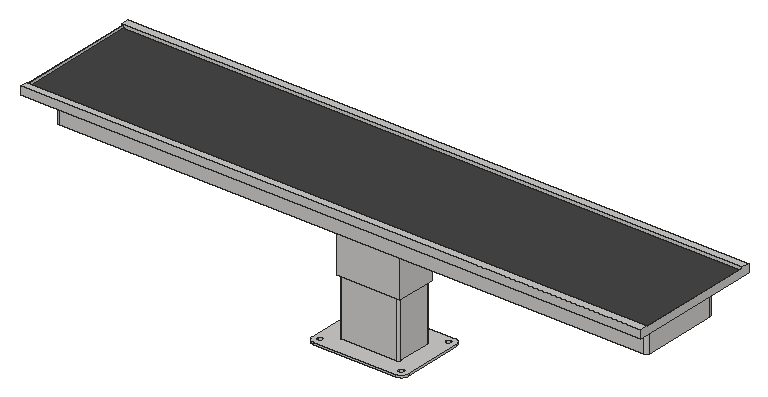
Revit family "Heater-Bromic-Platinum-Electric-Ceiling-Mounted_AU", category Mechanical Equipment, host Face, Revit 2020
Family settings
  Host = Face
  Round Connector Dimension = Use Diameter
  Classification = None
  Part Type = Normal
  OmniClass Number = 23.75.10.14
  Cut with Voids When Loaded = Yes
  Shared = No
  Room Calculation Point = No
Parameters (values of type "Not a Type - Laod Type Catalog!")
  visFrontDown [instance] = not(Angle Mount)  # yes
  recess_width = if(Low Clearance Recess Kit Profile, 238.76 mm, if(Heater Type Selector = 3, 848.36 mm, 1226.82 mm))  # 1226.82 mm
  recess_visibility [instance] = and(not(Ceiling Mount Pole Profile), Show Clearance)  # no
  recess_length/2 = if(Low Clearance Recess Kit Profile, if(Heater Type Selector = 1, 995.68 mm, 1430.02 mm), if(Heater Type Selector = 1, 1864.36 mm, if(Heater Type Selector = 2, 2301.24 mm, 3505.2 mm))) / 2  # 932.18 mm
  recess_length = if(Low Clearance Recess Kit Profile, if(Heater Type Selector = 1, 1196.34 mm, 1630.68 mm), if(Heater Type Selector = 1, 1864.36 mm, if(Heater Type Selector = 2, 2301.24 mm, 3505.2 mm)))  # 1864.36 mm
  recess_depth = if(Low Clearance Recess Kit Profile, 177.8 mm, if(Heater Type Selector = 3, 350.52 mm, 254 mm))  # 254 mm
  calcYOffset [instance] = if(Angle Mount, 14.6 mm, 0 mm)  # 0 mm
  calcXOffset [instance] = if(Angle Mount, 38 mm, 0 mm)  # 0 mm
  calcWidth = if(Heater Type Selector = 1, 182.118 mm, if(Heater Type Selector = 2, 182.118 mm, 256.54 mm))  # 182.118 mm
  calcSuspendedHeight [instance] = if(Front Down Mount, 203.2 mm, if(Ceiling Pole_600mm, 599.44 mm, if(Ceiling Pole_1200mm, 1198.88 mm, if(Angle Mount, 254 mm, 203.2 mm))))  # 203.2 mm
  calcOffsetClearance [instance] = if(Angle Mount, 42.926 mm, calcWidth / 2)  # 91.059 mm
  calcLength = if(Heater Type Selector = 1, 839.978 mm, if(Heater Type Selector = 2, 1275.08 mm, 1351.28 mm))  # 839.978 mm
  calcFaceAngledWidth [instance] = if(Angle Mount, 165.1 mm, calcWidth)  # 182.118 mm
  calcDepth = 54.102 mm  # constant formula
  Width = if(and([Low clearance recess kit - 4500W Series], Heater Type Selector = 3), 338 mm, if(Heater Type Selector = 3, 256.5 mm, 177.8 mm))  # 177.8 mm
  Weight = if(Heater Type Selector = 1, 7.484 kg, if(Heater Type Selector = 2, 9.979 kg, 9.979 kg))  # 7.484 kg
  Wattage = if(Heater Type Selector = 1, 2300 W, if(Heater Type Selector = 2, 3400 W, 4500 W))  # 2300 W
  Voltage = 230 V
  Void Width Option [instance] = if([Standard recess kit - 4500W Series], 1422.4 mm, if([Standard recess kit - 3400W Series], 1346.2 mm, if([Standard recess kit - 2300W Series], 909.3 mm, if([Low clearance recess kit - 2300W Series], 1039.1 mm, if([Low clearance recess kit - 3400W Series], 1491 mm, if([Low clearance recess kit - 4500W Series], 1550 mm, 25.4 mm))))))  # 25.4 mm
  Utility = no
  URL = "https://www.bromic.com.au/product/platinum-smart-heat-electric/"
  Void Thickness Option [instance] = if([Standard recess kit - 4500W Series], 330.2 mm, if([Standard recess kit - 3400W Series], 254 mm, if([Standard recess kit - 2300W Series], 254 mm, if([Low clearance recess kit - 2300W Series], 261.1 mm, if([Low clearance recess kit - 3400W Series], 261.1 mm, if([Low clearance recess kit - 4500W Series], 315 mm, 25.4 mm))))))  # 25.4 mm
  Void Start Option [instance] = if(Standard Recess Kit Profile, 0 mm, if(Low Clearance Recess Kit Profile, 0 mm, 12.7 mm))  # 12.7 mm
  Standard Mounting Pole_parameter = Pole : Standard Mounting Pole
  Side Clearance = if(Heater Type Selector = 1, 254 mm, 457.2 mm)  # 254 mm
  Standard Recess Kit Profile = no
  ProductCode = "ProductCode not specified - Load Type Catalog!"
  Product data url = "https://www.bimobject.com/bromic-heating/product/platinum-smart-heat-electric"
  Power Factor = 1
  Number of Poles = 1
  Mounting Type Info [instance] = if(Front Down Mount, "Ceiling Mounted - Front Down", if(Ceiling Pole_600mm, "Ceiling Pole - 600mm", if(Ceiling Pole_1200mm, "Ceiling Pole - 1200mm", if(Angle Mount, "Ceiling Mounted - Angle Mount", "Ceiling Mounted - Front Down"))))  # "Ceiling Mounted - Front Down"
  Mounting Type [instance] = Pole : Standard Mounting Pole
  MountTypeSelector [instance] = if([1 = Standard Mounting Pole], 1, if([2 = 600mm Mounting Pole], 2, if([3 = 1200mm Mounting Pole], 3, 4)))  # 1
  Screen Material = Ceramic-Tinted-Bromic-Black
  Material = Metal-Steel-Stainless-Bromic
  Masking_3 = no
  Masking_2 = no
  Masking_1 = yes
  MEP_param [instance] = if(Ceiling Mount Pole Profile, 217.424 mm, if(Low Clearance Recess Kit Profile, 54.102 mm, 0 mm))  # 217.424 mm
  Low clearance recess kit - 4500W Series = no
  Low clearance recess kit - 3400W Series = no
  Low clearance recess kit - 2300W Series = no
  Low Clearance Recess Kit Profile = no
  Load Sub-Classification Motor = no
  Load Classification = Power
  Length = if(and([Low clearance recess kit - 4500W Series], Heater Type Selector = 3), 1595 mm, if(Heater Type Selector = 1, 838.2 mm, if(Heater Type Selector = 2, 1275.1 mm, 1351.3 mm)))  # 838.2 mm
  Heater Type Selector = 1
  Front Down Mount [instance] = or(MountTypeSelector < 2, MountTypeSelector > 4)  # yes
  Frequency = 50 Hz
  Floor Clearance = 2438.4 mm  # constant formula
  Show Clearance [instance] = no
  Model = "Platinum Smart-Heat™ Electric"  # constant formula
  Manufacturer = "Bromic Heating"  # constant formula
  End Clearance = if(Heater Type Selector = 1, 254 mm, 457.2 mm)  # 254 mm
  Description = "The Platinum Smart-Heat™ Electric excels in efficiency, packing profound performance into a sleek package to suit high-end, style-centric settings. Designed specifically with low-clearance, semi-enclosed and aesthetically-focused spaces in mind, this heater minimizes light emission to blend seamlessly into rooflines with the aid of recess kits or stylishly mount to a number of other surfaces."  # constant formula
  Void End Option [instance] = if(Standard Recess Kit Profile, -217.424 mm, if(Low Clearance Recess Kit Profile, -168.402 mm, 25.4 mm))  # 25.4 mm
  Depth = 50.8 mm  # constant formula
  Default Elevation = 1219.2 mm
  Connector Description = ""
  Clearance Width = if([Low clearance recess kit - 4500W Series], 1550 mm, if([Low clearance recess kit - 3400W Series], 1430 mm, 996 mm))  # 996 mm
  Clearance Offset Left (Width) = if([Low clearance recess kit - 2300W Series], 200 mm - 4.5 mm, if([Low clearance recess kit - 3400W Series], 200 mm - 3 mm, 200 mm))  # 200 mm
  Clearance Height = 177.8 mm + 3.7 mm  # 181.5 mm
  Clearance Depth = if([Low clearance recess kit - 4500W Series], 315 mm, 239 mm)  # 239 mm
  Ceiling Pole_Standard [instance] = MountTypeSelector = 1  # yes
  Ceiling Pole_600mm [instance] = MountTypeSelector = 2  # no
  Ceiling Pole_1200mm [instance] = MountTypeSelector = 3  # no
  Ceiling Mount Pole straight [instance] = and(Ceiling Mount Pole Profile, not([4 = Angle Mounting Pole]))  # yes
  Ceiling Mount Pole Profile = yes
  Approximate Heat Area = if(Heater Type Selector = 1, 6.00 m², if(Heater Type Selector = 2, 10.00 m², 12.00 m²))  # 6.00 m²
  Apparent Load = if(Heater Type Selector = 1, 2300 VA, if(Heater Type Selector = 2, 3400 VA, 4500 VA))  # 2300 VA
  Angle Mounting Pole_parameter = Pole : Angle Mounting Pole
  Angle Mount [instance] = MountTypeSelector = 4  # no
  Angle [instance] = if(Angle Mount, 30.00°, 0.00°)  # 0.00°
  Standard recess kit - 4500W Series = no
  1200mm Mounting Pole_parameter = Pole : 1200mm Mounting Pole
  Standard recess kit - 3400W Series = no
  Standard recess kit - 2300W Series = no
  4 = Angle Mounting Pole [instance] = Mounting Type = Angle Mounting Pole_parameter  # no
  600mm Mounting Pole_parameter = Pole : 600mm Mounting Pole
  3 = 1200mm Mounting Pole [instance] = Mounting Type = [1200mm Mounting Pole_parameter]  # no
  1 = Standard Mounting Pole [instance] = Mounting Type = Standard Mounting Pole_parameter  # yes
  2 = 600mm Mounting Pole [instance] = Mounting Type = [600mm Mounting Pole_parameter]  # no
Reference planes
  plane 1 "Center (Front/Back)": y = 0
  plane 2: z = 0
  plane 3 "Center (Left/Right)": x = 0
  plane 4: z = 147.2
  plane 5: z = 2641.6
  plane 6: z = 203.2
  plane 7: x = -419.989
  plane 8: x = -673.989
  plane 9: x = 419.989
  plane 10: x = 673.989
  plane 11: y = 91.059
  plane 12: y = -91.059
  plane 13: y = 345.059
  plane 14: y = -345.059
  plane 15: z = 2
  plane 16: z = 78.163
  plane 17: z = 149.2
  plane 18: x = -434.989
  plane 19: x = 434.989
  plane 20: y = 0
  plane 21: z = 149.2
  plane 22: y = 91.059
  plane 23: y = -91.059
  plane 24: z = -350.432
  plane 25: x = -12.7
  plane 26: x = 12.7
  plane 27: y = 12.7
  plane 28: y = -12.7
  plane 29: z = -0.076
  plane 30: z = -83.172
  plane 31: z = -217.5
  plane 32: z = -254
  plane 33: x = 932.18
  plane 34: x = -932.18
  plane 35: y = -613.41
  plane 36: y = 613.41
Forms (mm)
  Extrusion 1, solid, material "Metal-Steel-Stainless-Bromic" <- "Material", detail levels coarse+medium
    sketch origin (0, 0, 0) x (1, 0, 0) y (0, 1, 0)
      loop
        arc (-65, -40) -> (-62.071, -47.071) -> (-55, -50) r 10
        line (-55, -50) -> (55, -50)
        arc (55, -50) -> (62.071, -47.071) -> (65, -40) r 10
        line (65, -40) -> (65, 40)
        arc (65, 40) -> (62.071, 47.071) -> (55, 50) r 10
        line (55, 50) -> (-55, 50)
        arc (-55, 50) -> (-62.071, 47.071) -> (-65, 40) r 10
        line (-65, 40) -> (-65, -40)
    from 0 to 2
  Extrusion 2, solid, material "Metal-Steel-Stainless-Bromic" <- "Material", visible <- "Ceiling Mount Pole Profile"
    sketch origin (0, 0, 0) x (1, 0, 0) y (0, 1, 0)
      loop
        line (-40, 23) -> (-40, -22)
        arc (-40, -22) -> (-39.121, -24.121) -> (-37, -25) r 3
        line (-37, -25) -> (37, -25)
        arc (37, -25) -> (39.121, -24.121) -> (40, -22) r 3
        line (40, -22) -> (40, 23)
        arc (40, 23) -> (39.414, 24.414) -> (38, 25) r 2
        line (38, 25) -> (-38, 25)
        arc (-38, 25) -> (-39.414, 24.414) -> (-40, 23) r 2
    from 2 to 78.163
  Extrusion 3, solid, material "Metal-Steel-Stainless-Bromic" <- "Material", visible <- "Ceiling Mount Pole straight"
    sketch origin (0, 0, 160) x (1, 0, 0) y (0, 1, 0)
      loop
        arc (-70, -36.75) -> (-67.071, -43.821) -> (-60, -46.75) r 10
        line (-60, -46.75) -> (60, -46.75)
        arc (60, -46.75) -> (67.071, -43.821) -> (70, -36.75) r 10
        line (70, -36.75) -> (70, 37.25)
        arc (70, 37.25) -> (67.071, 44.321) -> (60, 47.25) r 10
        line (60, 47.25) -> (-60, 47.25)
        arc (-60, 47.25) -> (-67.071, 44.321) -> (-70, 37.25) r 10
        line (-70, 37.25) -> (-70, -36.75)
    from -12.8 to -10.8
  Extrusion 4, solid, material "Metal-Steel-Stainless-Bromic" <- "Material", visible <- "Ceiling Mount Pole straight"
    sketch origin (0, 0, 0) x (1, 0, 0) y (0, 1, 0)
      loop
        line (43, 27) -> (-43, 27) -> (-43, -27) -> (43, -27) -> (43, 27)
    from 78.163 to 147.2
  Extrusion 5, solid, material "Metal-Steel-Stainless-Bromic" <- "Material", visible <- "Ceiling Mount Pole Profile", detail levels fine
    sketch origin (0, 0, 0) x (1, 0, 0) y (0, 1, 0)
      loop
        arc (-65, -40) -> (-62.071, -47.071) -> (-55, -50) r 10
        line (-55, -50) -> (55, -50)
        arc (55, -50) -> (62.071, -47.071) -> (65, -40) r 10
        line (65, -40) -> (65, 40)
        arc (65, 40) -> (62.071, 47.071) -> (55, 50) r 10
        line (55, 50) -> (-55, 50)
        arc (-55, 50) -> (-62.071, 47.071) -> (-65, 40) r 10
        line (-65, 40) -> (-65, -40)
      loop
        circle (-55, -40) r 3.25
      loop
        circle (55, -40) r 3.25
      loop
        circle (55, 40) r 3.25
      loop
        circle (-55, 40) r 3.25
    from 0 to 2
  Extrusion 6, solid, material "Metal-Steel-Stainless-Bromic" <- "Material", visible <- "Angle Mount"
    sketch origin (0, 0, -30.5) x (0, 1, 0) y (0, 0, 1)
      loop
        line (27, 63.7) -> (27, 119.647) -> (8.051, 152.468) -> (-35.251, 127.468) -> (-27, 113.177) -> (-27, 63.7) -> (27, 63.7)
    from -43 to 43
  Extrusion 7, solid, material "Metal-Steel-Stainless-Bromic" <- "Material", visible <- "Angle Mount"
    sketch origin (0, 64.8, 0) x (1, 0, 0) y (0, 1, 0)
      loop
        line (-40, -41.8) -> (-40, -86.8)
        arc (-40, -86.8) -> (-39.121, -88.921) -> (-37, -89.8) r 3
        line (-37, -89.8) -> (37, -89.8)
        arc (37, -89.8) -> (39.121, -88.921) -> (40, -86.8) r 3
        line (40, -86.8) -> (40, -41.8)
        arc (40, -41.8) -> (39.414, -40.386) -> (38, -39.8) r 2
        line (38, -39.8) -> (-38, -39.8)
        arc (-38, -39.8) -> (-39.414, -40.386) -> (-40, -41.8) r 2
    from 2 to 33.2
  Extrusion 8, solid, material "Metal-Steel-Stainless-Bromic" <- "Material", visible <- "Angle Mount"
    sketch origin (0, 0, 0) x (0, 1, 0) y (0, 0, 1)
      loop
        line (25.371, 131.968) -> (24.371, 133.7) -> (-53.571, 88.7) -> (-52.571, 86.968) -> (25.371, 131.968)
    from -70 to 70
  Extrusion 9, void
    sketch origin (0, 0, 0) x (1, 0, 0) y (0, 1, 0)
      loop
        line (-12.7, 12.7) -> (-12.7, -12.7) -> (12.7, -12.7) -> (12.7, 12.7) -> (-12.7, 12.7)
    from 12.7 <- "Void Start Option" to 25.4 <- "Void End Option"
  Extrusion 10, solid, not visible
    sketch origin (0, 0, -0.076) x (1, 0, 0) y (0, 1, 0)
      loop
        circle (0, 0) r 25.4
    from 0 to 50.8
  Extrusion 11, solid, not visible
    sketch origin (0, 0, -83.172) x (1, 0, 0) y (0, 1, 0)
      loop
        circle (0, 0) r 25.4
    from 0 to 50.8
Lines and regions (mm)
  Masking region 1, visible <- "Masking_1"
    outline origin (0, 0, 0) x (1, 0, 0) y (0, 1, 0)
      loop
        line (-419.989, 91.059) -> (-419.989, 80.809) -> (419.989, 80.809) -> (419.989, 91.059) -> (-419.989, 91.059)
      loop
        line (419.989, -91.059) -> (419.989, -80.809) -> (-419.989, -80.809) -> (-419.989, -91.059) -> (419.989, -91.059)
  Masking region 2, visible <- "Masking_1"
    outline origin (0, 0, 0) x (1, 0, 0) y (0, 1, 0)
      loop
        line (-419.989, 80.809) -> (-419.989, -80.809) -> (419.989, -80.809) -> (419.989, 80.809) -> (-419.989, 80.809)
  Masking region 3, visible <- "Masking_3"
    outline origin (0, 0, 0) x (1, 0, 0) y (0, 1, 0)
      loop
        line (-12.7, 12.7) -> (-12.7, -12.7) -> (12.7, -12.7) -> (12.7, 12.7) -> (-12.7, 12.7)
      loop
        line (-429.049, 99.4) -> (-429.049, -99.4) -> (429.049, -99.4) -> (429.049, 99.4) -> (-429.049, 99.4)
  Masking region 4, visible <- "Masking_3"
    outline origin (0, 0, 0) x (1, 0, 0) y (0, 1, 0)
      loop
        line (-156, 91.059) -> (155, 91.059) -> (155, 99.4) -> (-156, 99.4) -> (-156, 91.059)
      loop
        line (-156, -99.4) -> (155, -99.4) -> (155, -91.059) -> (-156, -91.059) -> (-156, -99.4)
  Masking region 5, visible <- "Masking_2"
    outline origin (0, 0, 0) x (1, 0, 0) y (0, 1, 0)
      loop
        line (-12.643, -12.644) -> (12.643, -12.644) -> (12.643, 12.644) -> (-12.643, 12.644) -> (-12.643, -12.644)
      loop
        line (-419.989, 91.059) -> (-419.989, -91.059) -> (419.989, -91.059) -> (419.989, 91.059) -> (-419.989, 91.059)
  Masking region 6, visible <- "Masking_2"
    outline origin (0, 0, 0) x (1, 0, 0) y (0, 1, 0)
      loop
        line (29.107, 90.75) -> (-423.75, 90.75) -> (-423.75, -90.75) -> (29.107, -90.75) -> (29.107, 90.75)
  Masking region 7, visible <- "Masking_2"
    outline origin (0, 0, 0) x (1, 0, 0) y (0, 1, 0)
      loop
        line (423.75, 90.75) -> (-29.107, 90.75) -> (-29.107, -90.75) -> (423.75, -90.75) -> (423.75, 90.75)
  reference lines
    curve 1: line (0, 0, 149.2) -> (0, 0, 139.581)
    curve 2: line (0, 0, 149.2) -> (0, 6.047, 149.2)
Dimensions and locks
  "Floor Clearance": plane 6 to plane 5
  equal spacing: plane 9, plane 3 "Center (Left/Right)", plane 7
  "calcLength": plane 9 to plane 7
  "End Clearance": plane 7 to plane 8
  "End Clearance": plane 10 to plane 9
  equal spacing: plane 12, plane 1 "Center (Front/Back)", plane 11
  "calcWidth": plane 12 to plane 11
  "Side Clearance": plane 22 to plane 13
  "Side Clearance": plane 14 to plane 23
  locked: plane 2 to plane 15 at 2
  plane 16 to plane 4 to plane 17 to plane 6 = 69.038 mm locked, 2 mm locked, 54 mm
  "calcSuspendedHeight": plane 2 to plane 6
  locked: plane 18 to plane 7 at 15
  locked: plane 9 to plane 19 at 15
  "calcYOffset": plane 1 "Center (Front/Back)" to plane 20
  "calcXOffset": plane 17 to plane 21
  Extrusion 4 sketch curve to plane 1 "Center (Front/Back)" to Extrusion 4 sketch curve = 27 mm locked, 27 mm locked
  Extrusion 6 sketch curve to Extrusion 6 sketch curve to Extrusion 6 sketch curve to Extrusion 6 sketch curve to Extrusion 6 sketch curve to plane 17 = 49.477 mm locked, 6.469 mm locked, 7.821 mm locked, 25 mm locked, 27.232 mm locked
  Extrusion 4 sketch curve to plane 3 "Center (Left/Right)" to Extrusion 4 sketch curve = 43 mm locked, 43 mm locked
  Extrusion 7 sketch curve to plane 1 "Center (Front/Back)" to Extrusion 7 sketch curve = 25 mm locked, 25 mm locked
  Extrusion 2 sketch curve to plane 1 "Center (Front/Back)" to Extrusion 2 sketch curve = 25 mm locked, 25 mm locked
  Extrusion 3 sketch curve to plane 1 "Center (Front/Back)" to Extrusion 3 sketch curve = 46.75 mm locked, 47.25 mm locked
  Extrusion 5 sketch curve to plane 1 "Center (Front/Back)" to Extrusion 5 sketch curve = 50 mm locked, 50 mm locked
  Extrusion 5 sketch curve to plane 3 "Center (Left/Right)" to Extrusion 5 sketch curve = 65 mm locked, 65 mm locked
  Extrusion 1 sketch curve to plane 1 "Center (Front/Back)" to Extrusion 1 sketch curve = 50 mm locked, 50 mm locked
  Extrusion 1 sketch curve to plane 3 "Center (Left/Right)" to Extrusion 1 sketch curve = 65 mm locked, 65 mm locked
  "calcOffsetClearance": plane 22 to plane 1 "Center (Front/Back)"
  "calcFaceAngledWidth": plane 22 to plane 23
  locked: Extrusion 8 sketch curve to Extrusion 6 at 20  (x2)
  locked: Extrusion 8 sketch curve to Extrusion 8 sketch curve at 2
  equal spacing: plane 25, plane 3 "Center (Left/Right)", plane 26
  "Void Width Option": plane 25 to plane 26
  equal spacing: plane 27, plane 20, plane 28
  "Void Thickness Option": plane 27 to plane 28
  locked: host face to plane 31 at 217.5
  "MEP_param": plane 29 to plane 31
  "recess_length": plane 34 to plane 33
  "recess_depth": host face to plane 32
  equal spacing: plane 36, plane 1 "Center (Front/Back)", plane 35
  "recess_width": plane 36 to plane 35
  "recess_length/2": plane 33 to plane 3 "Center (Left/Right)"
  locked: curve 2 to curve 1 (angle 90.00°)
  locked: Extrusion 8 sketch curve to Extrusion 8 sketch curve (angle 90.00°)  (x3)
  "Angle": angle curve 1 to plane 1 "Center (Front/Back)"
  aligned and locked: plane 2 to host face
  aligned and locked: level to host face
  aligned and locked: plane 2 to nested 2
  aligned and locked: nested 2 to plane 5
  aligned and locked: nested 2 to plane 8
  aligned and locked: plane 10 to nested 2
  aligned and locked: nested 2 to plane 13
  aligned and locked: nested 2 to plane 14
  aligned and locked: Extrusion 5 to plane 15
  aligned and locked: Extrusion 1 to plane 15
  aligned and locked: Extrusion 5 to plane 2
  aligned and locked: Extrusion 1 to plane 2
  aligned and locked: Extrusion 3 to plane 4
  aligned and locked: Extrusion 3 to plane 17
  aligned and locked: plane 16 to Extrusion 4
  aligned and locked: Extrusion 2 to plane 16
  aligned and locked: Extrusion 4 to plane 16  (x2)
  aligned and locked: plane 4 to Extrusion 4
  aligned and locked: Extrusion 4 to plane 4
  aligned and locked: Extrusion 4 to Extrusion 6
  aligned and locked: Extrusion 6 to Extrusion 4
  aligned and locked: plane 20 to curve 1
  aligned and locked: nested 1 to curve 1
  aligned and locked: Extrusion 4 to Extrusion 6 sketch curve
  aligned and locked: Extrusion 6 sketch curve to Extrusion 4
  aligned and locked: nested 1 to plane 3 "Center (Left/Right)"
  aligned and locked: plane 15 to Extrusion 7
  aligned and locked: Extrusion 7 to Extrusion 6
  aligned and locked: Extrusion 7 sketch curve to Extrusion 2
  aligned and locked: Extrusion 2 to Extrusion 7 sketch curve
  aligned and locked: plane 21 to curve 2
  aligned and locked: Extrusion 8 sketch curve to Extrusion 6
  aligned and locked: Extrusion 3 to Extrusion 8
  aligned and locked: Extrusion 8 to Extrusion 3
  aligned and locked: plane 25 to Extrusion 9
  aligned and locked: plane 26 to Extrusion 9
  aligned and locked: plane 27 to Extrusion 9
  aligned and locked: Extrusion 9 to plane 28
  aligned and locked: plane 7 to Masking region 1 sketch curve  (x2)
  aligned and locked: Masking region 1 sketch curve to plane 9  (x2)
  aligned and locked: plane 7 to Masking region 2 sketch curve
  aligned and locked: Masking region 2 sketch curve to plane 9
  aligned and locked: plane 1 "Center (Front/Back)" to nested 5
  aligned and locked: plane 3 "Center (Left/Right)" to nested 5
  aligned and locked: plane 2 to nested 5
Automatic sketch dimensions
  host sketch curve to host sketch curve = 2438.4 mm  (x2)
  Extrusion 1 sketch curve to Extrusion 1 sketch curve = 10 mm  (x3)
  Extrusion 1 sketch curve to plane 1 "Center (Front/Back)" = 40 mm
  Extrusion 2 sketch curve to plane 3 "Center (Left/Right)" = 40 mm
  Extrusion 2 sketch curve to Extrusion 2 sketch curve = 2 mm  (x2)
  Extrusion 2 sketch curve to Extrusion 2 sketch curve = 3 mm
  plane 3 "Center (Left/Right)" to Extrusion 2 sketch curve = 37 mm
  plane 3 "Center (Left/Right)" to Extrusion 2 sketch curve = 38 mm
  Extrusion 3 sketch curve to plane 3 "Center (Left/Right)" = 70 mm
  Extrusion 3 sketch curve to Extrusion 3 sketch curve = 10 mm  (x3)
  plane 3 "Center (Left/Right)" to Extrusion 3 sketch curve = 60 mm
  Extrusion 3 sketch curve to plane 1 "Center (Front/Back)" = 37.25 mm
  plane 3 "Center (Left/Right)" to Extrusion 5 sketch curve = 55 mm
  Extrusion 7 sketch curve to Extrusion 7 sketch curve = 2 mm  (x2)
  Extrusion 7 sketch curve to Extrusion 7 sketch curve = 3 mm  (x2)
  Extrusion 5 sketch curve to Extrusion 5 sketch curve = 0 mm  (x8)
  Extrusion 5 sketch curve to Extrusion 5 sketch curve = 10 mm  (x3)
  Extrusion 9 sketch curve to plane 3 "Center (Left/Right)" = 12.7 mm
  Extrusion 9 sketch curve to plane 9 = 407.289 mm
  Extrusion 9 sketch curve to Extrusion 9 sketch curve = 25.4 mm
  plane 14 to Extrusion 9 sketch curve = 332.359 mm
  plane 12 to Masking region 1 sketch curve = 0 mm
  plane 11 to Masking region 1 sketch curve = 0 mm
  Masking region 1 sketch curve to Masking region 1 sketch curve = 10.25 mm
  plane 11 to Masking region 1 sketch curve = 10.25 mm
  Masking region 2 sketch curve to plane 12 = 10.25 mm
  plane 11 to Masking region 2 sketch curve = 10.25 mm
  Masking region 3 sketch curve to plane 25 = 0 mm
  Masking region 3 sketch curve to plane 26 = 0 mm
  Masking region 3 sketch curve to plane 28 = 0 mm
  Masking region 3 sketch curve to plane 27 = 0 mm
  plane 18 to Masking region 3 sketch curve = 5.94 mm
  Masking region 3 sketch curve to plane 19 = 5.94 mm
  plane 12 to Masking region 3 sketch curve = 8.341 mm
  Masking region 3 sketch curve to plane 11 = 8.341 mm
  plane 11 to Masking region 4 sketch curve = 0 mm
  plane 12 to Masking region 4 sketch curve = 0 mm
  Masking region 4 sketch curve to plane 3 "Center (Left/Right)" = 156 mm  (x2)
  plane 12 to Masking region 4 sketch curve = 8.341 mm
  plane 3 "Center (Left/Right)" to Masking region 4 sketch curve = 155 mm  (x2)
  Masking region 4 sketch curve to Masking region 4 sketch curve = 8.341 mm
  Masking region 5 sketch curve to plane 7 = 0 mm
  Masking region 5 sketch curve to plane 9 = 0 mm
  plane 12 to Masking region 5 sketch curve = 0 mm
  plane 11 to Masking region 5 sketch curve = 0 mm
  Masking region 5 sketch curve to plane 25 = 0.057 mm
  plane 26 to Masking region 5 sketch curve = 0.057 mm
  plane 28 to Masking region 5 sketch curve = 0.056 mm
  Masking region 5 sketch curve to plane 27 = 0.056 mm
  Masking region 6 sketch curve to plane 12 = 0.309 mm
  Masking region 6 sketch curve to plane 25 = 41.807 mm
  Masking region 6 sketch curve to plane 7 = 3.761 mm
  plane 11 to Masking region 6 sketch curve = 0.309 mm
  Masking region 7 sketch curve to plane 12 = 0.309 mm
  plane 9 to Masking region 7 sketch curve = 3.761 mm
  plane 26 to Masking region 7 sketch curve = 41.807 mm
  plane 11 to Masking region 7 sketch curve = 0.309 mm
  radius of Extrusion 5 sketch curve = 3.25 mm  (x4)
  radius of Extrusion 10 sketch curve = 25.4 mm
  radius of Extrusion 11 sketch curve = 25.4 mm
Nested families
  nested 1: "X-Heater-Electric-Bromic-Smart Heat-Platinum" at (0, 0, 149.2) x (-1, 0, 0) z (0, 0, 1), visible <- "Ceiling Mount Pole Profile", type "X-Heater-Electric-Bromic-Smart Heat-Platinum"
    with Width_ANZRS 182.118 mm, Length_ANZRS 839.978 mm, Depth_ANZRS 54.102 mm
  nested 2: "Clearance Zone" at (0, 0, 0), visible <- "Show Clearance", type "Standard"
    with Width 1347.978 mm, Height 2641.6 mm, Equipment Finish Clearance Zone, Depth 690.118 mm, Clearance Offset Left 458.851 mm
  nested 3: "Standard Recess Kit" at (0, 0, 1.5), 2300W <- "Standard recess kit - 2300W Series", 3400W <- "Standard recess kit - 3400W Series", 4500W <- "Standard recess kit - 4500W Series", Recess Kits Material <- "Material", Material_ANZRS <- "Material", Screen Material <- "Screen Material", visible <- "Standard Recess Kit Profile", type "2300W/3400W/4500W"
    with Width 254 mm, Screen Material Ceramic-Tinted-Bromic-Black, Recess Kits Material Metal-Steel-Stainless-Bromic, Material_ANZRS Metal-Steel-Stainless-Bromic, Length 909.32 mm, 4500W no, 3400W no, 2300W no
  nested 4: "Low Clearance Recess Kit" at (0, 0, 1.5) x (0, 1, 0) z (0, 0, 1), 2300W <- "Low clearance recess kit - 2300W Series", 3400W <- "Low clearance recess kit - 3400W Series", Material_ANZRS <- "Material", Recess Kits Material <- "Material", Screen Material <- "Screen Material", 4500W <- "Low clearance recess kit - 4500W Series", type "2300W/3400W/4500W"
    with Screen Material Ceramic-Tinted-Bromic-Black, Recess Kits Material Metal-Steel-Stainless-Bromic, Material_ANZRS Metal-Steel-Stainless-Bromic, 4500W no, 3400W no, 2300W no
  nested 5: "Clearance Zone" at (0, 0, -181.5), visible <- "recess_visibility", Depth <- "Clearance Depth", Width <- "Clearance Width", Clearance Offset Left <- "Clearance Offset Left (Width)", Height <- "Clearance Height", type "Standard"
    with Width 996 mm, Height 181.5 mm, Equipment Finish Clearance Zone, Depth 239 mm, Clearance Offset Left 200 mm
Connectors
  electrical at (0, 0, -0.076), driven by "Number of Poles", driven by "Load Classification", driven by "Load Sub-Classification Motor", driven by "Voltage", driven by "Apparent Load", driven by "Power Factor", driven by "Utility", driven by "Connector Description"
    settings: on Extrusion 10, index 4, voltage 230 V, apparent load 2300 VA, apparent load phase1 0 VA, apparent load phase2 0 VA, apparent load phase3 0 VA, power factor 1, load classification "Power", number of poles 1, system type 30, power factor state 1, is connector primary yes, connector utility no, sub classification motor no, connector description ""
Definition of nested family "X-Heater-Electric-Bromic-Smart Heat-Platinum"
  Parameters (values of type "X-Heater-Electric-Bromic-Smart Heat-Platinum")
    Width_ANZRS = 182 mm
    Screen Material = none
    Material_ANZRS = none
    Length_ANZRS = 840 mm
    Depth_ANZRS = 54 mm
    Default Elevation = 1219.2 mm
  Reference planes
    plane 1 "Center (Front/Back)": y = 0
    plane 2: z = 0
    plane 3 "Center (Left/Right)": x = 0
    plane 4: x = -420
    plane 5: x = 420
    plane 6: y = 91
    plane 7: y = -91
    plane 8: z = 54
    plane 9: z = 43
    plane 10: z = 50
  Forms (mm)
    Extrusion 1, solid
      sketch origin (0, 0, 0) x (1, 0, 0) y (0, 1, 0)
        loop
          line (-1219.2, 1219.2) -> (-1219.2, -1219.2) -> (1219.2, -1219.2) -> (1219.2, 1219.2) -> (-1219.2, 1219.2)
      from 0 to -304.8
    Extrusion 2, solid, material <- "Material_ANZRS"
      sketch origin (0, 0, 0) x (1, 0, 0) y (0, 1, 0)
        loop
          arc (-395, 55) -> (-398.536, 53.536) -> (-400, 50) r 5
          line (-400, 50) -> (-400, -50)
          arc (-400, -50) -> (-398.536, -53.536) -> (-395, -55) r 5
          line (-395, -55) -> (395, -55)
          arc (395, -55) -> (398.536, -53.536) -> (400, -50) r 5
          line (400, -50) -> (400, 50)
          arc (400, 50) -> (398.536, 53.536) -> (395, 55) r 5
          line (395, 55) -> (-395, 55)
      from 0 to 43
    Extrusion 3, solid, material <- "Material_ANZRS"
      sketch origin (0, 0, 0) x (0, 1, 0) y (0, 0, 1)
        loop
          line (91, 54) -> (80.75, 54) -> (80.75, 44.5) -> (-80.75, 44.5) -> (-80.75, 54) -> (-91, 54) -> (-91, 43) -> (91, 43) -> (91, 54)
      from -420 to 420
    Extrusion 4, solid, material <- "Screen Material"
      sketch origin (0, 0, 0) x (1, 0, 0) y (0, 1, 0)
        loop
          line (-417, 80.75) -> (-417, -80.75) -> (417, -80.75) -> (417, 80.75) -> (-417, 80.75)
      from 44.5 to 50
    Extrusion 5, solid, material <- "Material_ANZRS"
      sketch origin (0, 0, 0) x (1, 0, 0) y (0, 0, 1)
        loop
          line (-420, 52) -> (-420, 44.5) -> (-419, 44.5) -> (-419, 52) -> (-420, 52)
        loop
          line (420, 52) -> (419, 52) -> (419, 44.5) -> (420, 44.5) -> (420, 52)
      from -80.75 to 80.75
  Cuts and joins
    joined: Extrusion 3, Extrusion 5
  Dimensions and locks
    equal spacing: plane 4, plane 3 "Center (Left/Right)", plane 5
    "Length_ANZRS": plane 4 to plane 5
    equal spacing: plane 7, plane 1 "Center (Front/Back)", plane 6
    "Width_ANZRS": plane 7 to plane 6
    "Depth_ANZRS": plane 8 to plane 2
    locked: plane 7 to Extrusion 2 sketch curve at 36
    locked: plane 4 to Extrusion 2 sketch curve at 20
    locked: Extrusion 2 sketch curve to plane 6 at 36
    locked: Extrusion 2 sketch curve to plane 5 at 20
    locked: plane 8 to plane 9 at 11
    locked: Extrusion 3 sketch curve to plane 7 at 10.25
    locked: plane 6 to Extrusion 3 sketch curve at 10.25
    locked: Extrusion 3 sketch curve to plane 9 at 1.5
    locked: plane 4 to Extrusion 4 sketch curve at 3
    locked: Extrusion 4 sketch curve to plane 5 at 3
    locked: plane 8 to plane 10 at 4
    locked: Extrusion 5 sketch curve to plane 10 at 2  (x2)
    locked: Extrusion 5 sketch curve to plane 4 at 1
    locked: plane 5 to Extrusion 5 sketch curve at 1
    aligned and locked: plane 2 to Extrusion 1
    aligned and locked: level to Extrusion 1
    aligned and locked: Extrusion 2 to plane 2
    aligned and locked: plane 9 to Extrusion 2
    aligned and locked: plane 7 to Extrusion 3 sketch curve
    aligned and locked: plane 9 to Extrusion 3 sketch curve
    aligned and locked: plane 8 to Extrusion 3 sketch curve
    aligned and locked: Extrusion 3 sketch curve to plane 8
    aligned and locked: plane 6 to Extrusion 3 sketch curve
    aligned and locked: plane 5 to Extrusion 3
    aligned and locked: Extrusion 3 to plane 4
    aligned and locked: Extrusion 3 to Extrusion 4 sketch curve  (x2)
    aligned and locked: Extrusion 4 to Extrusion 3
    aligned and locked: Extrusion 4 to plane 10
    aligned and locked: Extrusion 3 to Extrusion 5 sketch curve
    aligned and locked: plane 4 to Extrusion 5 sketch curve
    aligned and locked: plane 5 to Extrusion 5 sketch curve
    aligned and locked: Extrusion 5 sketch curve to Extrusion 3
    aligned and locked: Extrusion 5 to Extrusion 3  (x2)
  Automatic sketch dimensions
    Extrusion 1 sketch curve to Extrusion 1 sketch curve = 2438.4 mm  (x2)
    Extrusion 2 sketch curve to Extrusion 2 sketch curve = 5 mm  (x4)
Definition of nested family "Clearance Zone"
  Parameters (values of type "Standard")
    Width [instance] = 800 mm
    URL = ""
    Manufacturer = ""
    Height [instance] = 580 mm
    Equipment Finish [instance] = none
    Depth [instance] = 1400 mm
    Default Elevation = 0 mm
    Clearance Offset Top = 0 mm
    Clearance Offset Right = 0 mm
    Clearance Offset Left [instance] = 0 mm
    Clearance Offset Front = 0 mm
    Clearance Offset Bottom = 0 mm
    Clearance Offset Back = 0 mm
    Assembly Code = ""
  Reference planes
    plane 1 "Center (Front/Back)": y = 0
    plane 2 "Bottom": z = 0
    plane 3 "Center (Left/Right)": x = 0
    plane 4 "Left": x = -400
    plane 5 "Back": y = 700
    plane 6 "Right": x = 400
    plane 7 "Front": y = -700
    plane 8 "Top": z = 580
    plane 9 "Clearance Offset Right": x = 400
    plane 10 "Clearance Offset Left": x = -400
    plane 11 "Clearance Offset Back": y = 700
    plane 12 "Clearance Offset Front": y = -700
    plane 13 "Clearance Offset Top": z = 580
    plane 14: z = 0
  Forms (mm)
    Extrusion 1, solid, material <- "Equipment Finish"
      sketch origin (0, 0, 0) x (1, 0, 0) y (0, 1, 0)
        loop
          line (-400, 700) -> (-400, -700) -> (400, -700) -> (400, 700) -> (-400, 700)
      from 0 to 580
  Lines and regions (mm)
    symbolic lines
      curve 1: line (-400, 0, 580) -> (400, 0, 580)
      curve 2: line (-400, 0, 0) -> (-400, 0, 580)
      curve 3: line (400, 0, 0) -> (-400, 0, 0)
      curve 4: line (400, 0, 580) -> (400, 0, 0)
      curve 5: line (0, 700, 580) -> (0, -700, 580)
      curve 6: line (0, 700, 0) -> (0, 700, 580)
      curve 7: line (0, -700, 0) -> (0, 700, 0)
      curve 8: line (0, -700, 580) -> (0, -700, 0)
      curve 9: line (-400, 700, 0) -> (400, 700, 0)
      curve 10: line (-400, -700, 0) -> (-400, 700, 0)
      curve 11: line (400, -700, 0) -> (-400, -700, 0)
      curve 12: line (400, 700, 0) -> (400, -700, 0)
  Text (mm)
    text "Copyright © Daikin Industries, Ltd. 2008" at (0.011, 0.009, 0), in view "Ref. Level"
  Dimensions and locks
    equal spacing: plane 4 "Left", plane 3 "Center (Left/Right)", plane 6 "Right"
    "Width": plane 4 "Left" to plane 6 "Right"
    equal spacing: plane 5 "Back", plane 1 "Center (Front/Back)", plane 7 "Front"
    "Depth": plane 5 "Back" to plane 7 "Front"
    "Height": plane 8 "Top" to plane 2 "Bottom"
    "Clearance Offset Front": plane 12 "Clearance Offset Front" to plane 7 "Front"
    "Clearance Offset Back": plane 11 "Clearance Offset Back" to plane 5 "Back"
    "Clearance Offset Left": plane 10 "Clearance Offset Left" to plane 4 "Left"
    "Clearance Offset Right": plane 6 "Right" to plane 9 "Clearance Offset Right"
    "Clearance Offset Top": plane 13 "Clearance Offset Top" to plane 8 "Top"
    curve 3 to plane 14 = 0 mm
    "Clearance Offset Bottom": plane 2 "Bottom" to plane 14
    aligned and locked: plane 2 "Bottom" to level
    aligned and locked: plane 9 "Clearance Offset Right" to Extrusion 1 sketch curve
    aligned and locked: Extrusion 1 sketch curve to plane 11 "Clearance Offset Back"
    aligned and locked: plane 10 "Clearance Offset Left" to Extrusion 1 sketch curve
    aligned and locked: Extrusion 1 sketch curve to plane 12 "Clearance Offset Front"
    aligned and locked: curve 9 to Extrusion 1  (x2)
    aligned and locked: Extrusion 1 to curve 12
    aligned and locked: curve 12 to Extrusion 1
    aligned and locked: plane 13 "Clearance Offset Top" to Extrusion 1
    aligned and locked: Extrusion 1 to plane 14
    aligned and locked: Extrusion 1 to plane 10 "Clearance Offset Left"
    aligned and locked: Extrusion 1 to plane 9 "Clearance Offset Right"  (x2)
    aligned and locked: Extrusion 1 to plane 13 "Clearance Offset Top"  (x2)
    aligned and locked: plane 14 to Extrusion 1  (x2)
    aligned and locked: curve 1 to plane 13 "Clearance Offset Top"
    aligned and locked: plane 9 "Clearance Offset Right" to curve 4
    aligned and locked: plane 10 "Clearance Offset Left" to curve 2
    aligned and locked: plane 14 to curve 3
    aligned and locked: plane 10 "Clearance Offset Left" to Extrusion 1  (x2)
    aligned and locked: curve 8 to plane 12 "Clearance Offset Front"
    aligned and locked: curve 5 to plane 13 "Clearance Offset Top"
    aligned and locked: curve 6 to plane 11 "Clearance Offset Back"
    aligned and locked: plane 14 to curve 7
Definition of nested family "Standard Recess Kit"
  Parameters (values of type "2300W/3400W/4500W")
    Width [instance] = if([4500W], 330.2 mm, 254 mm)  # 330.2 mm
    Screen Material [instance] = none
    Material_ANZRS [instance] = none
    Length [instance] = if([4500W], 1422.4 mm, if([3400W], 1346.2 mm, 909.32 mm))  # 1422.4 mm
    Recess Kits Material [instance] = none
    Default Elevation = 0 mm
    4500W [instance] = yes
    3400W [instance] = no
    2300W [instance] = no
  Reference planes
    plane 1 "Center (Front/Back)": y = 0
    plane 2: z = 0
    plane 3 "Center (Left/Right)": x = 0
    plane 4: x = -711.2
    plane 5: x = 711.2
    plane 6: y = 165.1
    plane 7: y = -165.1
    plane 8: x = 685.5
    plane 9: x = -685.5
    plane 10: y = 150.25
    plane 11: y = -148.75
    plane 12: x = -687
    plane 13: x = 687
    plane 14: y = 138.25
    plane 15: y = 136.75
    plane 16: y = -136.75
    plane 17: y = -138.25
    plane 18: x = -674.5
    plane 19: x = 674.5
    plane 20: y = 127.25
    plane 21: y = -75.857
    plane 22: y = -127.25
    plane 23: y = 75.857
    plane 24: y = 86.688
    plane 25: y = -86.688
  Forms (mm)
    Extrusion 1, solid, material <- "Recess Kits Material"
      sketch origin (0, -0.75, 0) x (1, 0, 0) y (0, 1, 0)
        loop
          line (711.2, 165.85) -> (-711.2, 165.85) -> (-711.2, -164.35) -> (711.2, -164.35) -> (711.2, 165.85)
        loop
          line (-684.7, 138.25) -> (-684.7, -136.75) -> (684.7, -136.75) -> (684.7, 138.25) -> (-684.7, 138.25)
      from -1.5 to 0
    Extrusion 2, solid, material <- "Recess Kits Material"
      sketch origin (0, -0.75, 0) x (0, 1, 0) y (0, 0, 1)
        loop
          line (119, 2) -> (127, 2)
          arc (127, 2) -> (127.707, 1.707) -> (128, 1) r 1
          line (128, 1) -> (128, -6)
          arc (128, -6) -> (127.707, -6.707) -> (127, -7) r 1
          line (127, -7) -> (109.5, -7) -> (109.5, -8) -> (127, -8)
          arc (127, -8) -> (128.414, -7.414) -> (129, -6) r 2
          line (129, -6) -> (129, 1)
          arc (129, 1) -> (128.414, 2.414) -> (127, 3) r 2
          line (127, 3) -> (119, 3) -> (119, 2)
        loop
          line (-119, 2) -> (-119, 3) -> (-127, 3)
          arc (-127, 3) -> (-128.414, 2.414) -> (-129, 1) r 2
          line (-129, 1) -> (-129, -6)
          arc (-129, -6) -> (-128.414, -7.414) -> (-127, -8) r 2
          line (-127, -8) -> (-109.5, -8) -> (-109.5, -7) -> (-127, -7)
          arc (-127, -7) -> (-127.707, -6.707) -> (-128, -6) r 1
          line (-128, -6) -> (-128, 1)
          arc (-128, 1) -> (-127.707, 1.707) -> (-127, 2) r 1
          line (-127, 2) -> (-119, 2)
      from -674.5 to 674.5
    Extrusion 3, void
      sketch origin (0, -0.75, 0) x (1, 0, 0) y (0, 1, 0)
        loop
          line (-677.955, 125.255) -> (-677.955, 106.282) -> (-658.982, 106.282) -> (-677.955, 125.255)
        loop
          line (677.955, 125.255) -> (658.982, 106.282) -> (677.955, 106.282) -> (677.955, 125.255)
        loop
          line (-677.955, -125.255) -> (-658.982, -106.282) -> (-677.955, -106.282) -> (-677.955, -125.255)
        loop
          line (677.955, -125.255) -> (677.955, -106.282) -> (658.982, -106.282) -> (677.955, -125.255)
      from -8 to 3
    Extrusion 4, solid, material <- "Recess Kits Material"
      sketch origin (0, 0, 0) x (0, 1, 0) y (0, 0, -1)
        loop
          line (-129.839, 61.5) -> (-148.75, 42.589) -> (-148.75, 2.5)
          arc (-148.75, 2.5) -> (-148.457, 1.793) -> (-147.75, 1.5) r 1
          line (-147.75, 1.5) -> (149.25, 1.5)
          arc (149.25, 1.5) -> (149.957, 1.793) -> (150.25, 2.5) r 1
          line (150.25, 2.5) -> (150.25, 41.5) -> (130.25, 61.5) -> (-129.839, 61.5)
      from 685.5 to 687
    Extrusion 5, solid, material <- "Recess Kits Material"
      sketch origin (0, 0, 0) x (1, 0, 0) y (0, 0, 1)
        loop
          line (651.616, -31.5) -> (679.702, -3.414) -> (679.702, -1.5) -> (-679.7, -1.5) -> (-679.7, -3.416) -> (-651.616, -31.5) -> (-236, -31.5) -> (-176, -61.5) -> (-157, -61.5)
          arc (-157, -61.5) -> (-156.293, -61.207) -> (-156, -60.5) r 1
          line (-156, -60.5) -> (-156, -51.5) -> (0, -51.5) -> (156, -51.5) -> (156, -60.5)
          arc (156, -60.5) -> (156.293, -61.207) -> (157, -61.5) r 1
          line (157, -61.5) -> (176, -61.5) -> (236, -31.5) -> (651.616, -31.5)
      from 136.75 to 138.25
    Extrusion 6, solid, material <- "Recess Kits Material"
      sketch origin (0, 0, 0) x (1, 0, 0) y (0, 0, -1)
        loop
          line (651.616, 31.5) -> (236, 31.5) -> (176, 61.5) -> (157, 61.5)
          arc (157, 61.5) -> (156.293, 61.207) -> (156, 60.5) r 1
          line (156, 60.5) -> (156, 51.5) -> (0, 51.5) -> (-156, 51.5) -> (-156, 60.5)
          arc (-156, 60.5) -> (-156.293, 61.207) -> (-157, 61.5) r 1
          line (-157, 61.5) -> (-176, 61.5) -> (-236, 31.5) -> (-651.616, 31.5) -> (-679.7, 3.416) -> (-679.7, 1.5) -> (679.702, 1.5) -> (679.702, 3.414) -> (651.616, 31.5)
      from 136.75 to 138.25
    Extrusion 7, solid, material <- "Recess Kits Material"
      sketch origin (0, 0, 0) x (0, 1, 0) y (0, 0, 1)
        loop
          line (140.75, -51.5) -> (-139.25, -51.5) -> (-144.818, -41.856) -> (-146.117, -42.606) -> (-140.116, -53) -> (141.616, -53) -> (147.617, -42.606) -> (146.318, -41.856) -> (140.75, -51.5)
      from -156 to 155
    Extrusion 8, solid, material <- "Recess Kits Material"
      sketch origin (0, 0, 0) x (0, 1, 0) y (0, 0, 1)
        loop
          line (-128.75, -61.5) -> (130.25, -61.5) -> (150.25, -41.5) -> (150.25, -2.5)
          arc (150.25, -2.5) -> (149.957, -1.793) -> (149.25, -1.5) r 1
          line (149.25, -1.5) -> (-147.75, -1.5)
          arc (-147.75, -1.5) -> (-148.457, -1.793) -> (-148.75, -2.5) r 1
          line (-148.75, -2.5) -> (-148.75, -41.5) -> (-128.75, -61.5)
      from 685.5 to 687
    Extrusion 9, solid, material <- "Screen Material", visible <- "4500W"
      sketch origin (1.05, 381, -379.141) x (1, 0, 0) y (0, 1, 0)
        loop
          arc (670.7, -260.75) -> (669.528, -257.922) -> (666.7, -256.75) r 4
          line (666.7, -256.75) -> (-668.8, -256.75)
          arc (-668.8, -256.75) -> (-671.628, -257.922) -> (-672.8, -260.75) r 4
          line (-672.8, -260.75) -> (-672.8, -501.25)
          arc (-672.8, -501.25) -> (-671.628, -504.078) -> (-668.8, -505.25) r 4
          line (-668.8, -505.25) -> (666.7, -505.25)
          arc (666.7, -505.25) -> (669.528, -504.078) -> (670.7, -501.25) r 4
          line (670.7, -501.25) -> (670.7, -260.75)
      from 376.141 to 379.141
    Sweep 10, solid, material <- "Material_ANZRS"
      path origin (1.05, 380.281, -379.141) x (1, 0, 0) y (0, 1, 0)
        loop
          line (633.856, -293.593) -> (-636.07, -293.593)
          arc (-636.07, -293.593) -> (-643.77, -296.782) -> (-646.959, -304.481) r 10.888
          line (-646.959, -304.481) -> (-646.959, -456.081)
          arc (-646.959, -456.081) -> (-643.77, -463.78) -> (-636.07, -466.969) r 10.888
          line (-636.07, -466.969) -> (633.856, -466.969)
          arc (633.856, -466.969) -> (641.555, -463.78) -> (644.744, -456.081) r 10.888
          line (644.744, -456.081) -> (644.744, -304.481)
          arc (644.744, -304.481) -> (641.555, -296.782) -> (633.856, -293.593) r 10.888
      profile origin (-0.057, 86.688, -379.141) x (0, -1, 0) y (0, 0, 1)
        loop
          line (-10.101, 338.77) -> (-12.389, 364.926)
          arc (-12.389, 364.926) -> (-15.224, 370.73) -> (-21.217, 373.141) r 9.002
          line (-21.217, 373.141) -> (-21.217, 372.141)
          arc (-21.217, 372.141) -> (-15.9, 369.993) -> (-13.386, 364.838) r 8.001
          line (-13.386, 364.838) -> (-11.097, 338.682)
          arc (-11.097, 338.682) -> (-7.571, 331.531) -> (-0.139, 328.641) r 11
          line (-0.139, 328.641) -> (10.831, 328.641) -> (10.831, 329.641) -> (-0.139, 329.641)
          arc (-0.139, 329.641) -> (-6.895, 332.268) -> (-10.101, 338.77) r 10
    Extrusion 11, solid, material <- "Material_ANZRS"
      sketch origin (1.05, 381, -379.141) x (1, 0, 0) y (0, 1, 0)
        loop
          line (674.2, -253.75) -> (-676.3, -253.75) -> (-676.3, -508.25) -> (674.2, -508.25) -> (674.2, -253.75)
      from 372.141 to 379.141
    Extrusion 12, void
      sketch origin (0, 889, -379.141) x (1, 0, 0) y (0, 1, 0)
        loop
          line (-674.25, -762.75) -> (-674.25, -1015.25) -> (674.25, -1015.25) -> (674.25, -762.75) -> (-674.25, -762.75)
      from 373.141 to 379.141
    Extrusion 13, solid, material <- "Screen Material", visible <- "3400W"
      sketch origin (1.05, 381, -379.141) x (1, 0, 0) y (0, 1, 0)
        loop
          arc (670.7, -259.821) -> (669.528, -256.993) -> (666.7, -255.821) r 4
          line (666.7, -255.821) -> (-668.8, -255.821)
          arc (-668.8, -255.821) -> (-671.628, -256.993) -> (-672.8, -259.821) r 4
          line (-672.8, -259.821) -> (-672.8, -501.25)
          arc (-672.8, -501.25) -> (-671.628, -504.078) -> (-668.8, -505.25) r 4
          line (-668.8, -505.25) -> (666.7, -505.25)
          arc (666.7, -505.25) -> (669.528, -504.078) -> (670.7, -501.25) r 4
          line (670.7, -501.25) -> (670.7, -259.821)
      from 376.141 to 379.141
    Extrusion 14, solid, material <- "Screen Material", visible <- "2300W"
      sketch origin (1.05, 381, -379.141) x (1, 0, 0) y (0, 1, 0)
        loop
          arc (670.7, -259.885) -> (669.528, -257.057) -> (666.7, -255.885) r 4
          line (666.7, -255.885) -> (-668.8, -255.885)
          arc (-668.8, -255.885) -> (-671.628, -257.057) -> (-672.8, -259.885) r 4
          line (-672.8, -259.885) -> (-672.8, -501.25)
          arc (-672.8, -501.25) -> (-671.628, -504.078) -> (-668.8, -505.25) r 4
          line (-668.8, -505.25) -> (666.7, -505.25)
          arc (666.7, -505.25) -> (669.528, -504.078) -> (670.7, -501.25) r 4
          line (670.7, -501.25) -> (670.7, -259.885)
      from 376.141 to 379.141
  Cuts and joins
    Extrusion 3 cuts Extrusion 2
    Extrusion 12 cuts Extrusion 11
  Dimensions and locks
    equal spacing: plane 4, plane 3 "Center (Left/Right)", plane 5
    "Length": plane 4 to plane 5
    equal spacing: plane 6, plane 1 "Center (Front/Back)", plane 7
    "Width": plane 6 to plane 7
    locked: plane 9 to plane 4 at 25.7
    locked: plane 5 to plane 8 at 25.7
    locked: plane 6 to plane 10 at 14.85
    locked: plane 11 to plane 7 at 16.35
    locked: plane 9 to plane 12 at 1.5
    locked: plane 13 to plane 8 at 1.5
    plane 6 to plane 14 to plane 15 = 26.85 mm locked, 1.5 mm locked
    plane 16 to plane 17 to plane 7 = 1.5 mm locked, 26.85 mm locked
    locked: plane 4 to plane 18 at 36.7
    locked: plane 19 to plane 5 at 36.7
    locked: plane 6 to plane 20 at 37.85
    plane 21 to plane 22 to plane 7 = 51.393 mm locked, 37.85 mm locked
    plane 20 to plane 23 = 51.393 mm
    plane 6 to plane 24 = 78.412 mm
    plane 25 to plane 7 = 78.412 mm
    aligned and locked: level to plane 2
    aligned and locked: plane 6 to Extrusion 1
    aligned and locked: Extrusion 1 to plane 7
    aligned and locked: Extrusion 1 to plane 5
    aligned and locked: plane 4 to Extrusion 1
    aligned and locked: plane 9 to Extrusion 4
    aligned and locked: plane 10 to Extrusion 4
    aligned and locked: plane 11 to Extrusion 4
    aligned and locked: plane 12 to Extrusion 4
    aligned and locked: plane 13 to Extrusion 8
    aligned and locked: Extrusion 8 to plane 8
    aligned and locked: plane 14 to Extrusion 6
    aligned and locked: plane 15 to Extrusion 6
    aligned and locked: plane 16 to Extrusion 5
    aligned and locked: Extrusion 5 to plane 17
    aligned and locked: plane 18 to cut or joined group of Extrusion 2, Extrusion 3
    aligned and locked: plane 19 to cut or joined group of Extrusion 2, Extrusion 3
    aligned and locked: plane 22 to cut or joined group of Extrusion 11, Extrusion 12
    aligned and locked: plane 21 to Sweep 10
    aligned and locked: plane 20 to cut or joined group of Extrusion 11, Extrusion 12
    aligned and locked: plane 24 to Sweep 10 sketch curve
    aligned and locked: plane 25 to Sweep 10 sketch curve
  Automatic sketch dimensions
    Extrusion 1 sketch curve to plane 4 = 0 mm
    Extrusion 1 sketch curve to plane 5 = 0 mm
    Extrusion 1 sketch curve to plane 7 = 0 mm
    Extrusion 1 sketch curve to plane 6 = 0 mm
    plane 9 to Extrusion 1 sketch curve = 0.8 mm
    Extrusion 1 sketch curve to plane 8 = 0.8 mm
    Extrusion 1 sketch curve to plane 16 = 0.75 mm
    Extrusion 1 sketch curve to plane 14 = 0.75 mm
    Extrusion 2 sketch curve to Extrusion 2 sketch curve = 0 mm  (x8)
    plane 16 to Extrusion 2 sketch curve = 7 mm
    Extrusion 2 sketch curve to Extrusion 2 sketch curve = 1 mm  (x4)
    level to Extrusion 2 sketch curve = 2 mm
    Extrusion 2 sketch curve to Extrusion 2 sketch curve = 8 mm  (x2)
    Extrusion 2 sketch curve to Extrusion 2 sketch curve = 9.5 mm  (x2)
    Extrusion 2 sketch curve to level = 8 mm  (x2)
    Extrusion 2 sketch curve to plane 15 = 28 mm
    level to Extrusion 2 sketch curve = 3 mm
    level to Extrusion 2 sketch curve = 1 mm
    Extrusion 2 sketch curve to Extrusion 2 sketch curve = 2 mm
    plane 18 to Extrusion 3 sketch curve = 3.455 mm  (x2)
    Extrusion 3 sketch curve to plane 18 = 15.518 mm  (x2)
    plane 19 to Extrusion 3 sketch curve = 15.518 mm  (x2)
    Extrusion 3 sketch curve to plane 19 = 3.455 mm  (x2)
    plane 16 to Extrusion 3 sketch curve = 10.745 mm  (x2)
    Extrusion 3 sketch curve to Extrusion 3 sketch curve = 18.974 mm  (x2)
    Extrusion 3 sketch curve to plane 15 = 31.218 mm  (x2)
    Extrusion 3 sketch curve to plane 15 = 12.245 mm  (x2)
    Extrusion 4 sketch curve to plane 11 = 0 mm
    Extrusion 4 sketch curve to plane 10 = 0 mm
    Extrusion 4 sketch curve to plane 11 = 1 mm
    plane 16 to Extrusion 4 sketch curve = 6.911 mm
    Extrusion 4 sketch curve to plane 15 = 6.5 mm
    Extrusion 4 sketch curve to Extrusion 4 sketch curve = 1 mm
    Extrusion 4 sketch curve to level = 1.5 mm
    Extrusion 4 sketch curve to Extrusion 4 sketch curve = 39 mm
    Extrusion 4 sketch curve to Extrusion 4 sketch curve = 40.089 mm
    Extrusion 4 sketch curve to Extrusion 4 sketch curve = 20 mm
    Extrusion 5 sketch curve to plane 3 "Center (Left/Right)" = 0 mm
    Extrusion 5 sketch curve to level = 51.5 mm
    Extrusion 5 sketch curve to plane 3 "Center (Left/Right)" = 156 mm
    Extrusion 5 sketch curve to Extrusion 5 sketch curve = 1 mm  (x2)
    Extrusion 5 sketch curve to level = 61.5 mm  (x2)
    Extrusion 5 sketch curve to Extrusion 5 sketch curve = 19 mm  (x2)
    Extrusion 5 sketch curve to level = 31.5 mm  (x2)
    Extrusion 5 sketch curve to Extrusion 5 sketch curve = 60 mm  (x2)
    Extrusion 5 sketch curve to plane 18 = 22.884 mm
    plane 18 to Extrusion 5 sketch curve = 5.2 mm
    Extrusion 5 sketch curve to Extrusion 5 sketch curve = 156 mm
    plane 19 to Extrusion 5 sketch curve = 22.884 mm
    Extrusion 5 sketch curve to plane 19 = 5.202 mm
    Extrusion 5 sketch curve to level = 3.416 mm
    Extrusion 5 sketch curve to level = 3.414 mm
    Extrusion 5 sketch curve to level = 1.5 mm
    Extrusion 6 sketch curve to plane 3 "Center (Left/Right)" = 0 mm
    Extrusion 6 sketch curve to level = 51.5 mm
    Extrusion 6 sketch curve to plane 3 "Center (Left/Right)" = 156 mm
    Extrusion 6 sketch curve to Extrusion 6 sketch curve = 1 mm  (x2)
    Extrusion 6 sketch curve to level = 61.5 mm  (x2)
    Extrusion 6 sketch curve to Extrusion 6 sketch curve = 19 mm  (x2)
    Extrusion 6 sketch curve to level = 31.5 mm  (x2)
    Extrusion 6 sketch curve to Extrusion 6 sketch curve = 60 mm  (x2)
    Extrusion 6 sketch curve to plane 18 = 22.884 mm
    plane 18 to Extrusion 6 sketch curve = 5.2 mm
    Extrusion 6 sketch curve to Extrusion 6 sketch curve = 156 mm
    plane 19 to Extrusion 6 sketch curve = 22.884 mm
    Extrusion 6 sketch curve to plane 19 = 5.202 mm
    Extrusion 6 sketch curve to level = 3.416 mm
    Extrusion 6 sketch curve to level = 3.414 mm
    Extrusion 6 sketch curve to level = 1.5 mm
    Extrusion 7 sketch curve to plane 11 = 2.633 mm
    Extrusion 7 sketch curve to Extrusion 7 sketch curve = 1.299 mm
    Extrusion 7 sketch curve to plane 17 = 1.866 mm
    Extrusion 7 sketch curve to plane 17 = 1 mm
    plane 14 to Extrusion 7 sketch curve = 2.5 mm
    Extrusion 7 sketch curve to Extrusion 7 sketch curve = 0.866 mm
    plane 10 to Extrusion 7 sketch curve = 3.932 mm
    Extrusion 7 sketch curve to level = 53 mm
    Extrusion 7 sketch curve to Extrusion 7 sketch curve = 8.894 mm  (x2)
    Extrusion 8 sketch curve to plane 11 = 0 mm
    Extrusion 8 sketch curve to plane 10 = 0 mm
    Extrusion 8 sketch curve to plane 11 = 1 mm
    plane 16 to Extrusion 8 sketch curve = 8 mm
    Extrusion 8 sketch curve to plane 15 = 6.5 mm
    Extrusion 8 sketch curve to Extrusion 8 sketch curve = 1 mm
    Extrusion 8 sketch curve to level = 61.5 mm
    Extrusion 8 sketch curve to Extrusion 8 sketch curve = 20 mm  (x2)
    Extrusion 8 sketch curve to level = 2.5 mm
    Extrusion 9 sketch curve to plane 18 = 2.75 mm
    Extrusion 9 sketch curve to Extrusion 9 sketch curve = 4 mm  (x2)
    plane 19 to Extrusion 9 sketch curve = 6.75 mm  (x2)
    plane 19 to Extrusion 9 sketch curve = 2.75 mm
    plane 7 to Extrusion 9 sketch curve = 40.85 mm
    plane 7 to Extrusion 9 sketch curve = 285.35 mm
    Sweep 10 sketch curve to plane 18 = 28.591 mm
    Sweep 10 sketch curve to Sweep 10 sketch curve = 10.888 mm  (x3)
    plane 19 to Sweep 10 sketch curve = 39.594 mm  (x2)
    Sweep 10 sketch curve to Sweep 10 sketch curve = 0 mm  (x4)
    profile plane to Sweep 10 sketch curve = 21.357 mm
    Sweep 10 sketch curve to Sweep 10 sketch curve = 0.14 mm
    Sweep 10 sketch curve to Sweep 10 sketch curve = 7.971 mm
    Sweep 10 sketch curve to Sweep 10 sketch curve = 0.996 mm  (x2)
    profile plane to Sweep 10 sketch curve = 11.097 mm
    profile plane to Sweep 10 sketch curve = 0.139 mm
    Sweep 10 sketch curve to profile plane = 10.831 mm
    profile plane to Sweep 10 sketch curve = 328.641 mm
    Sweep 10 sketch curve to Sweep 10 sketch curve = 1 mm
    Sweep 10 sketch curve to Sweep 10 sketch curve = 9.041 mm
    Sweep 10 sketch curve to Sweep 10 sketch curve = 25.459 mm
    Sweep 10 sketch curve to Sweep 10 sketch curve = 0.697 mm
    Sweep 10 sketch curve to Sweep 10 sketch curve = 0.087 mm
    plane 18 to Extrusion 11 sketch curve = 0.75 mm
    Extrusion 11 sketch curve to plane 19 = 0.75 mm
    plane 7 to Extrusion 11 sketch curve = 37.85 mm
    plane 7 to Extrusion 11 sketch curve = 292.35 mm
    Extrusion 12 sketch curve to plane 18 = 0.25 mm
    plane 19 to Extrusion 12 sketch curve = 0.25 mm
    plane 7 to Extrusion 12 sketch curve = 38.85 mm
    plane 7 to Extrusion 12 sketch curve = 291.35 mm
    Extrusion 13 sketch curve to plane 18 = 2.75 mm
    plane 22 to Extrusion 13 sketch curve = 3 mm
    Extrusion 13 sketch curve to Extrusion 13 sketch curve = 4 mm  (x2)
    plane 19 to Extrusion 13 sketch curve = 6.75 mm  (x2)
    plane 19 to Extrusion 13 sketch curve = 2.75 mm
    Extrusion 13 sketch curve to plane 20 = 6.071 mm
    Extrusion 14 sketch curve to plane 18 = 2.75 mm
    plane 22 to Extrusion 14 sketch curve = 3 mm
    Extrusion 14 sketch curve to Extrusion 14 sketch curve = 4 mm  (x2)
    plane 19 to Extrusion 14 sketch curve = 6.75 mm  (x2)
    plane 19 to Extrusion 14 sketch curve = 2.75 mm
    Extrusion 14 sketch curve to plane 20 = 6.135 mm
Definition of nested family "Low Clearance Recess Kit"
  Parameters (values of type "2300W/3400W/4500W")
    Screen Material [instance] = none
    Recess Kits Material [instance] = none
    Material_ANZRS [instance] = none
    Default Elevation = 0 mm
    4500W [instance] = yes
    3400W [instance] = yes
    2300W [instance] = yes
  Reference planes
    plane 1 "Center (Front/Back)": y = 0
    plane 2: z = 0
    plane 3 "Center (Left/Right)": x = 0
  Forms (mm)
    Extrusion 1, solid, material <- "Material_ANZRS", visible <- "2300W"
      sketch origin (0, 0, 0) x (0, 1, 0) y (0, 0, 1)
        loop
          line (-342.173, -165) -> (494, -165) -> (494, -1.5) -> (-494, -1.5) -> (-494, -46.38) -> (-342.173, -165)
      from -117 to 117
    Extrusion 2, solid, material <- "Material_ANZRS", visible <- "2300W"
      sketch origin (0, 0, 0) x (0, 1, 0) y (0, 0, 1)
        loop
          line (-394.668, -155.712) -> (-379.276, -136.012) -> (-441.529, -87.375) -> (-456.921, -107.075) -> (-394.668, -155.712)
      from -45 to 45
    Extrusion 3, solid, material <- "Material_ANZRS", visible <- "2300W"
      sketch origin (0, 0, 0) x (1, 0, 0) y (0, 0, 1)
        loop
          circle (0, -167.433) r 2.433
      from -494 to 342.173
    Extrusion 4, solid, material <- "Material_ANZRS", visible <- "2300W"
      sketch origin (0, 0, 0) x (0, -1, 0) y (1, 0, 0)
        loop
          line (-625.7, -107) -> (-494, -107) -> (-494, 57) -> (-625.7, 57) -> (-625.7, -107)
      from -140 to -68
    Extrusion 5, solid, material <- "Material_ANZRS", visible <- "2300W"
      sketch origin (0, 0, 0) x (1, 0, 0) y (0, 0, 1)
        loop
          line (-17, -121.934) -> (-4.5, -114.717) -> (-4.5, -100.283) -> (-17, -93.066) -> (-29.5, -100.283) -> (-29.5, -114.717) -> (-17, -121.934)
        loop
          line (-47, -93.066) -> (-59.5, -100.283) -> (-59.5, -114.717) -> (-47, -121.934) -> (-34.5, -114.717) -> (-34.5, -100.283) -> (-47, -93.066)
        loop
          line (-64.5, -114.717) -> (-64.5, -100.283) -> (-77, -93.066) -> (-89.5, -100.283) -> (-89.5, -114.717) -> (-77, -121.934) -> (-64.5, -114.717)
        loop
          circle (-17, -107.5) r 3.586
        loop
          circle (-47, -107.5) r 3.586
        loop
          circle (-77, -107.5) r 3.586
      from -653.7 to -625.7
    Extrusion 6, solid, material <- "Recess Kits Material", visible <- "2300W"
      sketch origin (0, 0, 0) x (0, -1, 0) y (1, 0, 0)
        loop
          line (-519.5, 130.5) -> (-519.5, -130.5) -> (519.5, -130.5) -> (519.5, 130.5) -> (-519.5, 130.5)
        loop
          line (489, -100) -> (489, 100) -> (-489, 100) -> (-489, -100) -> (489, -100)
      from 0 to -1.5
    Extrusion 7, solid, material <- "Material_ANZRS", visible <- "2300W"
      sketch origin (0, 0, 0) x (1, 0, 0) y (0, 0, 1)
        loop
          arc (88.75, -1) -> (89.457, -1.293) -> (89.75, -2) r 1
          line (89.75, -2) -> (89.75, -9)
          arc (89.75, -9) -> (89.457, -9.707) -> (88.75, -10) r 1
          line (88.75, -10) -> (71.25, -10) -> (71.25, -11) -> (88.75, -11)
          arc (88.75, -11) -> (90.164, -10.414) -> (90.75, -9) r 2
